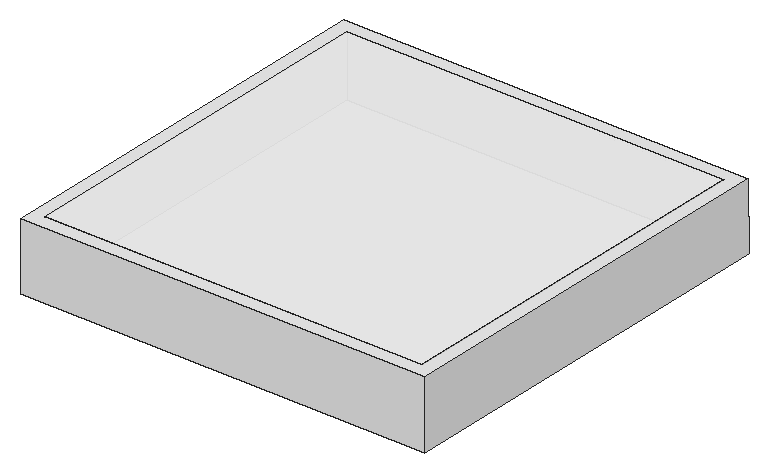
Revit family "Lighting_Fixture-Ceiling-Astro-Taketa II", category Lighting Fixtures, host Face, Revit 2018
Family settings
  Host = Face
  Round Connector Dimension = Use Diameter
  Part Type = Normal
  OmniClass Number = 23.80.70.11.11
  OmniClass Title = General Luminaries, Non Directional
  Cut with Voids When Loaded = No
  Light Source = Yes
  Shared = No
  Room Calculation Point = No
Parameters (values of type "7159 Taketa LED (Chrome)")
  Width = 300.00 mm
  Weight = "3.0 kg"
  Wattage Comments = "17.7W"
  Wattage = 16.3 W
  Wall Bracket Material = Astro - Steel - Silver Paint
  built-in parameter 1150110 = 1 (stored number, unit not read)
  Voltage = 230 V
  URL = "www.astrolighting.co.uk"
  Type Comments = "Can be mounted on ceiling or wall\r\nIncludes integral LED driver"
  built-in parameter 1114217 = 1 (stored number, unit not read)
  Tilt Angle = -90.00°
  built-in parameter 1150109 = 1 (stored number, unit not read)
  built-in parameter 1150134 = (empty or 0)
  built-in parameter 1150113 = 1 (stored number, unit not read)
  Suitable for bathroom zone = "zone 2, 3"
  Product Documentation = "http://www.astrolighting.co.uk/products\r\n/kw/7159/7159_Taketa-LED"
  Photometric Web File = "TRN-18318  Taketa LED II 7932 .ies"
  Number of Poles = 1
  Mountable on normally flammable surfaces = "Yes"
  Model = "7159 Taketa LED"
  Manufacturer = "Astro Lighting Ltd, CM20 2DP"
  built-in parameter 1150105 = 66.153 (stored number, unit not read)
  Lumens = 831.3 lm
  Luminaire Lamp Efficiency Rating = "-"
  built-in parameter 1150115 = 1 (stored number, unit not read)
  Light Source Elevation = 60.00 mm
  built-in parameter 1150137 = (empty or 0)
  built-in parameter 1150139 = (empty or 0)
  Length = 300.00 mm
  built-in parameter 1150112 = 1 (stored number, unit not read)
  built-in parameter 1150114 = 1 (stored number, unit not read)
  Lamp included = "Yes"
  Lamp = "LED"
  built-in parameter 1150132 = (empty or 0)
  built-in parameter 1150102 = (empty or 0)
  built-in parameter 1150107 = 2700 (stored number, unit not read)
  built-in parameter 1150138 = (empty or 0)
  built-in parameter 1150106 = 0.66153 (stored number, unit not read)
  IP Rating = "IP44"
  Height = 75.00 mm
  Energy Efficiency Rating = "-"
  Emit from Rectangle Width = Diffuser Width  # 280.00 mm
  Emit from Rectangle Length = Diffuser Width  # 280.00 mm
  Emit Shape Visible in Rendering = no
  built-in parameter 1150104 = 4.7381 (stored number, unit not read)
  Dimming Lamp Color Temperature Shift = <None>
  Dimmable = "No"
  Diffuser Width = 280.00 mm
  Wall Bracket Width = 228.00 mm
  Description = "Ceiling Light"
  Default Elevation = 1219.20 mm
  Color Filter = 16777215
  Class = 2
  Casing Material = Astro - Aluminium - Chrome Finish
  built-in parameter 1114218 = 1 (stored number, unit not read)
  built-in parameter 1150133 = 10 (stored number, unit not read)
  Manufacturer Contact = "01279 427001"
  Assembly Code = "D5020200"
  Apparent Load = 29.88 VA
Types (4, lengths in mm): name | Weight | Wattage Comments | Wattage | Type Comments | Product Documentation | Photometric Web File | Model | built-in parameter 1150105 | Lumens | Lamp | built-in parameter 1150107 | built-in parameter 1150106 | built-in parameter 1150104 | Casing Material
  (no name) | "3.0 kg" | "17.7W" | 16.3 W | "Can be mounted on ceiling or wall\r\nIncludes integral LED driver" | "http://www.astrolighting.co.uk/products\r\n/kw/7159/7159_Taketa-LED" | "TRN-18318  Taketa LED II 7932 .ies" | "7159 Taketa LED" | 66.153 (stored number, unit not read) | 831.3 lm | "LED" | 2700 (stored number, unit not read) | 0.66153 (stored number, unit not read) | 4.7381 (stored number, unit not read) | Astro - Aluminium - Chrome Finish
  7159 Taketa LED (Chrome) | "3.0 kg" | "17.7W" | 16.3 W | "Can be mounted on ceiling or wall\r\nIncludes integral LED driver" | "http://www.astrolighting.co.uk/products\r\n/kw/7159/7159_Taketa-LED" | "TRN-18318  Taketa LED II 7932 .ies" | "7159 Taketa LED" | 66.153 (stored number, unit not read) | 831.3 lm | "LED" | 2700 (stored number, unit not read) | 0.66153 (stored number, unit not read) | 4.7381 (stored number, unit not read) | Astro - Aluminium - Chrome Finish
  0933 Taketa Plus (Chrome) | "3.3 kg" | "28W" | 9.2903 W | "- Can be mounted on ceiling or wall - Includes integral electronic ballast" | "http://www.astrolighting.co.uk/products\r\n/kw/0933/0933_Taketa-Plus" | "0933 TAKETA PLUS CHROME.ies" | "0933 Taketa Plus Chrome" | 109.82 (stored number, unit not read) | 1380 lm | "4 pin 2D" | 2736 (stored number, unit not read) | 1.0982 (stored number, unit not read) | 13.8 (stored number, unit not read) | Astro - Aluminium - Chrome Finish
  0934 Taketa Plus (Matt Nickel) | "3.3 kg" | "28W" | 9.2903 W | "- Can be mounted on ceiling or wall - Includes integral electronic ballast" | "http://www.astrolighting.co.uk/products\r\n/kw/0933/0933_Taketa-Plus" | "0933 TAKETA PLUS CHROME.ies" | "0934 Taketa Plus Matt Nickel" | 109.82 (stored number, unit not read) | 1380 lm | "4 pin 2D" | 2736 (stored number, unit not read) | 1.0982 (stored number, unit not read) | 13.8 (stored number, unit not read) | Astro - Aluminium - Matt Nickel
Reference planes
  plane 1 "Center (Front/Back)": y = 0
  plane 2: z = 0
  plane 3 "Center (Left/Right)": x = 0
  plane 4 "Light Source Elevation": z = 60
  plane 5 "Left": x = -150
  plane 6 "Right": x = 150
  plane 7 "Front": y = 150
  plane 8 "Back": y = -150
  plane 9 "Bottom": z = 75
  plane 10: z = 25
  plane 11: x = -140
  plane 12: x = 140
  plane 13: y = 140
  plane 14: y = -140
  plane 15: y = 114
  plane 16: y = -114
  plane 17: x = -114
  plane 18: x = 114
Forms (mm)
  Extrusion 1, solid, material "Astro - Aluminium - Chrome Finish" <- "Casing Material"
    sketch origin (0, 0, 0) x (1, 0, 0) y (0, 1, 0)
      loop
        line (-150, 150) -> (-150, -150) -> (-140, -140) -> (-140, 140) -> (-150, 150)
      loop
        line (150, 150) -> (140, 140) -> (140, -140) -> (150, -150) -> (150, 150)
    from 25 to 75
  Extrusion 2, solid, material "Astro - Aluminium - Chrome Finish" <- "Casing Material"
    sketch origin (0, 0, 0) x (1, 0, 0) y (0, 1, 0)
      loop
        line (-150, 150) -> (-140, 140) -> (140, 140) -> (150, 150) -> (-150, 150)
      loop
        line (-150, -150) -> (150, -150) -> (140, -140) -> (-140, -140) -> (-150, -150)
    from 25 to 75
  Extrusion 3, solid, material "Astro - Polycarbonate - White"
    sketch origin (0, 0, 0) x (1, 0, 0) y (0, 1, 0)
      loop
        line (-140, 140) -> (-140, -140) -> (140, -140) -> (140, 140) -> (-140, 140)
    from 73 to 75
  Sweep 4, solid, material "Astro - Steel - Silver Paint" <- "Wall Bracket Material"
    path origin (0, 0, 0) x (1, 0, 0) y (0, 1, 0)
      loop
        line (-114, 114) -> (-114, -114) -> (114, -114) -> (114, 114) -> (-114, 114)
    profile origin (0, 114, 0) x (0, 1, 0) y (0, 0, 1)
      loop
        line (0, 28) -> (-3, 28) -> (-3, 0)
        arc (-3, 0) -> (-0.879, 0.879) -> (0, 3) r 3
        line (0, 3) -> (0, 28)
  Extrusion 5, solid, material "Astro - Aluminium - Chrome Finish" <- "Casing Material"
    sketch origin (0, 0, 0) x (1, 0, 0) y (0, 1, 0)
      loop
        line (-150, 150) -> (-150, -150) -> (150, -150) -> (150, 150) -> (-150, 150)
    from 28 to 30
  Extrusion 6, solid, material "Astro - Steel - Silver Paint" <- "Wall Bracket Material"
    sketch origin (0, 0, 75) x (0, 1, 0) y (-1, 0, 0)
      loop
        line (111, 111) -> (-111.006, 111) -> (-111.006, -111.006) -> (111, -111.006) -> (111, 111)
      loop
        circle (80, 0) r 12.5
    from -75 to -73
  Extrusion 7, solid, material "Default", not visible
    sketch origin (0, 0, 75) x (0, 1, 0) y (-1, 0, 0)
      loop
        circle (80, 0) r 12.5
    from -75 to -50
Cuts and joins
  joined: Extrusion 1, Extrusion 2, Extrusion 5
  joined: Sweep 4, Extrusion 6
Dimensions and locks
  "Light Source Elevation": plane 4 "Light Source Elevation" to plane 2
  equal spacing: plane 5 "Left", plane 3 "Center (Left/Right)", plane 6 "Right"
  "Length": plane 5 "Left" to plane 6 "Right"
  equal spacing: plane 7 "Front", plane 1 "Center (Front/Back)", plane 8 "Back"
  "Width": plane 7 "Front" to plane 8 "Back"
  "Height": plane 9 "Bottom" to plane 2
  locked: plane 9 "Bottom" to plane 10 at 50
  equal spacing: plane 14, plane 1 "Center (Front/Back)", plane 13
  "Diffuser Width": plane 14 to plane 13
  equal spacing: plane 11, plane 3 "Center (Left/Right)", plane 12
  "Diffuser Width": plane 11 to plane 12
  equal spacing: plane 17, plane 3 "Center (Left/Right)", plane 18
  "Wall Bracket Width": plane 17 to plane 18
  equal spacing: plane 15, plane 1 "Center (Front/Back)", plane 16
  "Wall Bracket Width": plane 15 to plane 16
  locked: Sweep 4 sketch curve to profile plane at 28
  profile plane to Sweep 4 sketch curve = 3.00 mm
  locked: plane 17 to Extrusion 6 sketch curve at 3
  locked: Extrusion 6 sketch curve to plane 18 at 2.994
  locked: Extrusion 6 sketch curve to plane 15 at 3
  locked: Extrusion 6 sketch curve to plane 16 at 2.994
  plane 1 "Center (Front/Back)" to Extrusion 6 sketch curve = 80.00 mm
  plane 1 "Center (Front/Back)" to Extrusion 7 sketch curve = 80.00 mm
  aligned and locked: plane 2 to host face
  aligned and locked: level to host face
  aligned and locked: plane 3 "Center (Left/Right)" to imposter light
  aligned and locked: plane 4 "Light Source Elevation" to imposter light
  aligned and locked: plane 7 "Front" to Extrusion 2 sketch curve
  aligned and locked: plane 13 to Extrusion 2 sketch curve
  aligned and locked: Extrusion 2 sketch curve to plane 14
  aligned and locked: plane 8 "Back" to Extrusion 2 sketch curve
  aligned and locked: Extrusion 1 sketch curve to plane 5 "Left"
  aligned and locked: plane 11 to Extrusion 1 sketch curve
  aligned and locked: plane 12 to Extrusion 1 sketch curve
  aligned and locked: plane 6 "Right" to Extrusion 1 sketch curve
  aligned and locked: Extrusion 1 to plane 10
  aligned and locked: plane 9 "Bottom" to Extrusion 1
  aligned and locked: plane 9 "Bottom" to Extrusion 2
  aligned and locked: Extrusion 2 to plane 10
  aligned and locked: Extrusion 3 sketch curve to Extrusion 2  (x2)
  aligned and locked: Extrusion 3 sketch curve to Extrusion 1  (x2)
  aligned and locked: plane 9 "Bottom" to Extrusion 3
  aligned and locked: Sweep 4 sketch curve to plane 15
  aligned and locked: plane 17 to Sweep 4 sketch curve
  aligned and locked: Sweep 4 sketch curve to plane 16
  aligned and locked: plane 18 to Sweep 4 sketch curve
  aligned and locked: Extrusion 5 sketch curve to Extrusion 2
  aligned and locked: Extrusion 5 sketch curve to Extrusion 1
  aligned and locked: plane 8 "Back" to Extrusion 5 sketch curve
  aligned and locked: Extrusion 5 sketch curve to plane 6 "Right"
  aligned and locked: Extrusion 5 to Sweep 4
  aligned and locked: Extrusion 6 to plane 2
  aligned and locked: plane 3 "Center (Left/Right)" to Extrusion 7 sketch curve
  aligned and locked: plane 10 to Extrusion 7
  aligned and locked: Extrusion 7 to plane 2
Automatic sketch dimensions
  host sketch curve to host sketch curve = 2438.40 mm  (x2)
  Extrusion 1 sketch curve to plane 8 "Back" = 0.00 mm  (x2)
  Extrusion 1 sketch curve to plane 14 = 0.00 mm  (x2)
  plane 13 to Extrusion 1 sketch curve = 0.00 mm  (x2)
  Extrusion 1 sketch curve to plane 7 "Front" = 0.00 mm  (x2)
  Extrusion 2 sketch curve to plane 5 "Left" = 0.00 mm  (x2)
  Extrusion 2 sketch curve to plane 11 = 0.00 mm  (x2)
  Extrusion 2 sketch curve to plane 12 = 0.00 mm  (x2)
  Extrusion 2 sketch curve to plane 6 "Right" = 0.00 mm  (x2)
  Sweep 4 sketch curve to profile plane = 0.00 mm
  Sweep 4 sketch curve to plane 2 = 0.00 mm
  Extrusion 6 sketch curve to plane 3 "Center (Left/Right)" = 0.00 mm
  radius of Extrusion 6 sketch curve = 12.50 mm
  radius of Extrusion 7 sketch curve = 12.50 mm
Connectors
  electrical at (0, 80, 0), driven by "Number of Poles", driven by "Voltage", driven by "Apparent Load"
    settings: on cut or joined group of Sweep 4, Extrusion 6, index 1, voltage 230 V, apparent load 0 VA, apparent load phase1 29.88 VA, apparent load phase2 0 VA, apparent load phase3 0 VA, power factor 1, load classification "Other", number of poles 1, system type 31, power factor state 1, is connector primary yes, connector utility no, sub classification motor no, connector description ""
